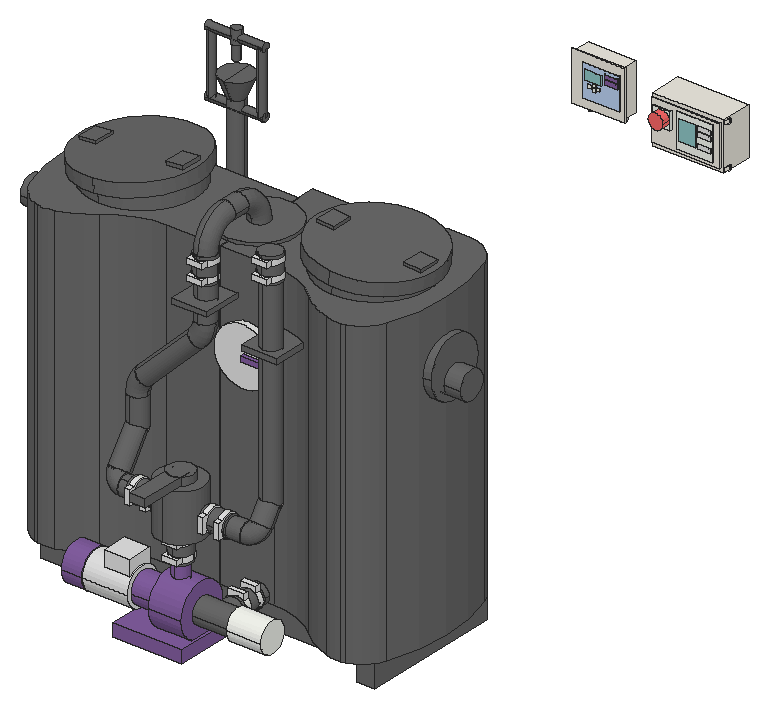
Revit family "93002.02_ms", category Generic Models, Revit 2021 (continued)
Definition of nested family "93002.02_ms_part3_X0Y0"
  Definition of nested family "93002.02_ms_part3_content"
    Forms (mm)
      Extrusion 45, solid, detail levels medium+fine
        sketch origin (-440.694, 0, 1072.927) x (0, -1, 0) y (0.996195, 0, 0.087156)
          loop
            circle (0, 0) r 211
        from 0 to 281.5
      Extrusion 46, solid, detail levels medium+fine
        sketch origin (-465.2, 0, 1353.35) x (0, -1, 0) y (0.996195, 0, 0.087156)
          loop
            circle (0, 0) r 233
        from 0 to 51
      Extrusion 47, solid, detail levels medium+fine
        sketch origin (-330.3, -41, 1416.3) x (0, 1, 0) y (-0.087156, 0, 0.996195)
          loop
            line (0, 12) -> (0, 0) -> (82, 0) -> (82, 12) -> (0, 12)
        from 0 to 66
      Extrusion 48, solid, detail levels medium+fine
        sketch origin (-609.2, 41, 1391.85) x (0, -1, 0) y (-0.087156, 0, 0.996195)
          loop
            line (0, 12) -> (0, 0) -> (82, 0) -> (82, 12) -> (0, 12)
        from 0 to 66
      Extrusion 49, solid, detail levels medium+fine
        sketch origin (290, -301.5, 1345.5) x (0, 1, 0) y (-1, 0, 0)
          loop
            circle (0, 0) r 42
        from 0 to 100
      Extrusion 50, solid, detail levels medium+fine
        sketch origin (290, -301.5, 1355.5) x (0, 1, 0) y (-1, 0, 0)
          loop
            circle (0, 0) r 45
        from 0 to 20
      Extrusion 51, solid, detail levels medium+fine
        sketch origin (290, -301.5, 1415.5) x (0, 1, 0) y (-1, 0, 0)
          loop
            circle (0, 0) r 45
        from 0 to 20
      Extrusion 52, solid, detail levels medium+fine
        sketch origin (260, -332.5, 1375.5) x (0, 0, -1) y (1, 0, 0)
          loop
            line (0, 60) -> (0, 0) -> (20, 0) -> (20, 60) -> (0, 60)
        from 0 to 25
      Extrusion 53, solid, detail levels medium+fine
        sketch origin (260, -332.5, 1435.5) x (0, 0, -1) y (1, 0, 0)
          loop
            line (0, 60) -> (0, 0) -> (20, 0) -> (20, 60) -> (0, 60)
        from 0 to 25
      Extrusion 54, solid, detail levels medium+fine
        sketch origin (-303.5, -155.5, 0) x (0, 1, 0) y (0, 0, 1)
          loop
            line (0, 113) -> (0, 0) -> (389, 0) -> (389, 113) -> (0, 113)
        from 0 to 760
      Extrusion 55, solid, detail levels medium+fine
        sketch origin (-110, 215, 1148.5) x (0, 0, -1) y (1, 0, 0)
          loop
            circle (0, 0) r 31.5
        from 0 to 15.5
      Revolve 56, solid, detail levels medium+fine
        sketch origin (-110, 215, 1148.5) x (0, 0, -1) y (-1, 0, 0)
          loop
            circle (0, 0) r 31.5
          axis (60, 0) -> (60, -1)
        angle from -90 to 0
      Extrusion 57, solid, detail levels medium+fine
        sketch origin (154.75, -383, 135) x (-1, 0, 0) y (0, 0, 1)
          loop
            circle (0, 0) r 40
        from 0 to 193.5
      Extrusion 58, solid, detail levels medium+fine
        sketch origin (154.75, -214.5, 135) x (0, 0, -1) y (1, 0, 0)
          loop
            circle (0, 0) r 42
        from 0 to 100
      Extrusion 59, solid, detail levels medium+fine
        sketch origin (154.75, -224.5, 135) x (0, 0, -1) y (1, 0, 0)
          loop
            line (-56, -30) -> (-33.541, -30)
            arc (-33.541, -30) -> (45, 0) -> (-33.541, 30) r 45
            line (-33.541, 30) -> (-56, 30) -> (-56, -30)
        from 0 to 20
      Extrusion 60, solid, detail levels medium+fine
        sketch origin (154.75, -284.5, 135) x (0, 0, -1) y (1, 0, 0)
          loop
            circle (0, 0) r 45
        from 0 to 20
      Extrusion 61, solid, detail levels medium+fine
        sketch origin (184.75, -304.5, 166) x (0, 1, 0) y (-1, 0, 0)
          loop
            line (0, 60) -> (0, 0) -> (20, 0) -> (20, 60) -> (0, 60)
        from 0 to 25
      Extrusion 62, solid, detail levels medium+fine
        sketch origin (82.5, -383, 135) x (0, 1, 0) y (0, 0, 1)
          loop
            circle (0, 0) r 50
        from 0 to 144.5
      Extrusion 63, solid, detail levels medium+fine
        sketch origin (-47, -383, 135) x (0, 1, 0) y (0, 0, 1)
          loop
            circle (0, 0) r 101
        from 0 to 129.5
      Extrusion 64, solid, detail levels medium+fine
        sketch origin (0, -383, 284) x (-1, 0, 0) y (0, 1, 0)
          loop
            circle (0, 0) r 31.5
        from 0 to 149
      Extrusion 65, solid, detail levels medium+fine
        sketch origin (-152, -383, 135) x (0, 1, 0) y (0, 0, 1)
          loop
            circle (0, 0) r 60
        from 0 to 105
      Extrusion 66, solid, detail levels medium+fine
        sketch origin (97.5, -269, 0) x (0, -1, 0) y (0, 0, 1)
          loop
            line (0, 48) -> (0, 0) -> (230, 0) -> (230, 48) -> (0, 48)
        from 0 to 272
      Extrusion 67, solid, detail levels medium+fine
        sketch origin (0, -383, 284) x (0, 1, 0) y (-1, 0, 0)
          loop
            circle (0, 0) r 42
        from 0 to 100
      Extrusion 68, solid, detail levels medium+fine
        sketch origin (0, -383, 294) x (0, 1, 0) y (-1, 0, 0)
          loop
            circle (0, 0) r 45
        from 0 to 20
      Extrusion 69, solid, detail levels medium+fine
        sketch origin (0, -383, 354) x (0, 1, 0) y (-1, 0, 0)
          loop
            circle (0, 0) r 45
        from 0 to 20
      Extrusion 70, solid, detail levels medium+fine
        sketch origin (-30, -414, 314) x (0, 0, -1) y (1, 0, 0)
          loop
            line (0, 60) -> (0, 0) -> (20, 0) -> (20, 60) -> (0, 60)
        from 0 to 25
      Extrusion 71, solid, detail levels medium+fine
        sketch origin (-30, -414, 374) x (0, 0, -1) y (1, 0, 0)
          loop
            line (0, 60) -> (0, 0) -> (20, 0) -> (20, 60) -> (0, 60)
        from 0 to 25
      Extrusion 72, solid, detail levels medium+fine
        sketch origin (227, -383, 135) x (0, 1, 0) y (0, 0, 1)
          loop
            circle (0, 0) r 58.5
        from 0 to 135.5
      Extrusion 73, solid, detail levels medium+fine
        sketch origin (-333, -383, 135) x (0, 1, 0) y (0, 0, 1)
          loop
            circle (0, 0) r 73.5
        from 0 to 181
      Extrusion 74, solid, detail levels medium+fine
        sketch origin (-262, -433, 188.5) x (0, 1, 0) y (0, 0, 1)
          loop
            line (0, 60) -> (0, 0) -> (100, 0) -> (100, 60) -> (0, 60)
        from 0 to 100
      Extrusion 75, solid, detail levels medium+fine
        sketch origin (-413, -383, 135) x (0, 1, 0) y (0, 0, 1)
          loop
            circle (0, 0) r 73.5
        from 0 to 80
      Extrusion 76, solid, detail levels medium+fine
        sketch origin (-68, -340.2, 1148.3) x (0, 1, 0) y (0, 0, 1)
          loop
            line (0, 20.5) -> (0, 0) -> (184.7, 0) -> (184.7, 20.5) -> (0, 20.5)
        from 0 to 138
      Extrusion 77, solid, detail levels medium+fine
        sketch origin (0, -260, 1080.432) x (0, 1, 0) y (-1, 0, 0)
          loop
            circle (0, 0) r 37.5
        from 0 to 241.07
      Extrusion 78, solid, detail levels medium+fine
        sketch origin (0, -260, 1231.5) x (0, 1, 0) y (-1, 0, 0)
          loop
            circle (0, 0) r 45
        from 0 to 20
      Extrusion 79, solid, detail levels medium+fine
        sketch origin (0, -260, 1221.5) x (0, 1, 0) y (-1, 0, 0)
          loop
            circle (0, 0) r 42
        from 0 to 100
      Extrusion 80, solid, detail levels medium+fine
        sketch origin (0, -260, 1291.5) x (0, 1, 0) y (-1, 0, 0)
          loop
            circle (0, 0) r 45
        from 0 to 20
      Extrusion 81, solid, detail levels medium+fine
        sketch origin (-30, -291, 1251.5) x (0, 0, -1) y (1, 0, 0)
          loop
            line (0, 60) -> (0, 0) -> (20, 0) -> (20, 60) -> (0, 60)
        from 0 to 25
      Extrusion 82, solid, detail levels medium+fine
        sketch origin (-30, -291, 1311.5) x (0, 0, -1) y (1, 0, 0)
          loop
            line (0, 60) -> (0, 0) -> (20, 0) -> (20, 60) -> (0, 60)
        from 0 to 25
      Revolve 83, solid, detail levels medium+fine
        sketch origin (0, -260, 1321.5) x (0, 1, 0) y (-1, 0, 0)
          loop
            circle (0, 0) r 37.5
          axis (100, 0) -> (100, -1)
        angle from -90 to 0
      Extrusion 84, solid, detail levels medium+fine
        sketch origin (0, 0, 1310) x (0, 1, 0) y (-1, 0, 0)
          loop
            circle (0, 0) r 148.5
        from 0 to 11.5
      Revolve 85, solid, detail levels medium+fine
        sketch origin (0, 5.5, 1321.5) x (0, -1, 0) y (1, 0, 0)
          loop
            circle (0, 0) r 37.5
          axis (100, 0) -> (100, -1)
        angle from -90 to 0
      Extrusion 86, solid, detail levels medium+fine
        sketch origin (592, -250.5, 0) x (0, 1, 0) y (0, 0, 1)
          loop
            line (0, 113) -> (0, 0) -> (553.5, 0) -> (553.5, 113) -> (0, 113)
        from 0 to 70.5
      Extrusion 87, solid, detail levels medium+fine
        sketch origin (0, -160, 1421.5) x (-1, 0, 0) y (0, 0, 1)
          loop
            circle (0, 0) r 37.5
        from 0 to 65.5
      Extrusion 88, solid, detail levels medium+fine
        sketch origin (-746.1, 0, 1113) x (0, -1, 0) y (0, 0, 1)
          loop
            circle (0, 0) r 55
        from 0 to 151.5
      Extrusion 89, solid, detail levels medium+fine
        sketch origin (-738, 0, 1070) x (0, -1, 0) y (0, 0, 1)
          loop
            circle (0, 0) r 114
        from 0 to 38
      Extrusion 90, solid, detail levels medium+fine
        sketch origin (738, 0, 1070) x (0, 1, 0) y (0, 0, 1)
          loop
            circle (0, 0) r 114
        from 0 to 38
      Extrusion 91, solid, detail levels medium+fine
        sketch origin (746, 0, 1030) x (0, 1, 0) y (0, 0, 1)
          loop
            circle (0, 0) r 55
        from 0 to 98
      Extrusion 92, solid, detail levels coarse
        sketch origin (-26.8, -129.5, 0) x (1, 0, 0) y (0, 1, 0)
          loop
            line (-870.8, -469.5) -> (870.8, -469.5) -> (870.8, 469.5) -> (-870.8, 469.5) -> (-870.8, -469.5)
        from 0 to 1772.9
    Dimensions and locks
      aligned and locked: level to plane 2
